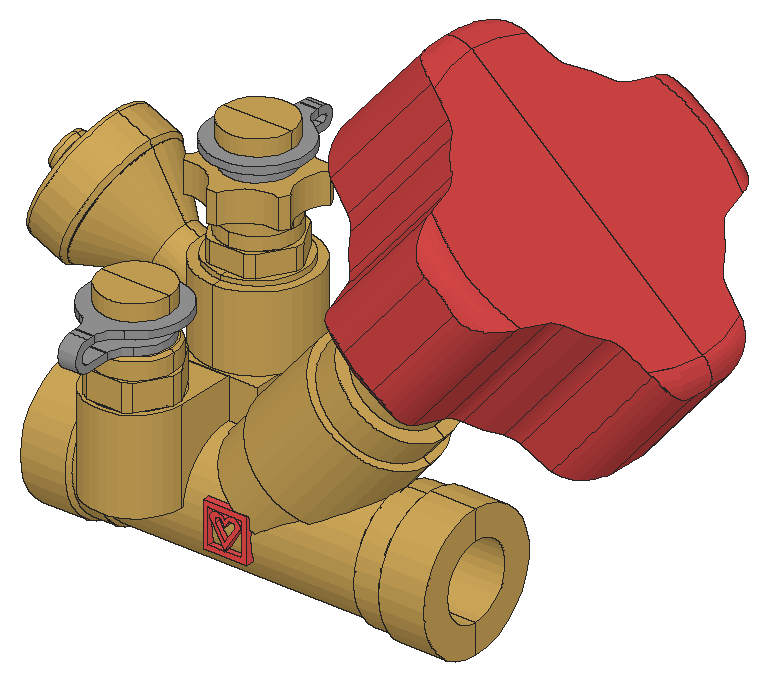
Revit family "Strangregulierventil mit Messblende 4017 ML", category Rohrzubehör, Revit 2021
Family settings
  Bemaßung runder Anschluss = Durchmesser verwenden
  Teiletyp = Unterbricht
  OmniClass-Nummer = 23.65.55.14
  OmniClass-Titel = Valves for Liquid Services
  Arbeitsebenenbasiert = Nein
  Immer vertikal = Ja
  Beim Laden mit Abzugskörper schneiden = Nein
  Gemeinsam genutzt = Nein
Parameters
  kvs-Wert [instance] = if(Nennweite = 15.000 mm, 2, if(Nennweite = 20.000 mm, 3.6, if(Nennweite = 25.000 mm, 6.5, if(Nennweite = 32.000 mm, 13.3, if(Nennweite = 40.000 mm, 18.5, if(Nennweite = 50.000 mm, 33, 0))))))  # 2
  kv-Wert der Blende [instance] = if(Nennweite = 15.000 mm, 1.95, if(Nennweite = 20.000 mm, 3.95, if(Nennweite = 25.000 mm, 7.9, if(Nennweite = 32.000 mm, 15.75, if(Nennweite = 40.000 mm, 21.5, if(Nennweite = 50.000 mm, 46.7, 0))))))  # 1.95
  W01 = 50.00°  # constant formula
  Vorgabe-Ansicht = 0.000 mm
  URL = "www.herz-armaturen.at"
  SW01 = 60.00°  # constant formula
  SCRNSEQ = "ARM;ARM_TYP=\"STRV\";2"
  SCRNCODE = "05;07;02"  # constant formula
  S03 = 60.000 mm  # constant formula
  S02 [instance] = L04 + L06 + L07  # 76.800 mm
  S01 [instance] = D01 * 2  # 27.000 mm
  R03 = 21.500 mm  # constant formula
  R02 = 9.500 mm  # constant formula
  R01 = 12.000 mm  # constant formula
  Medium = "Heizwasserqualität entsprechend ÖNORM H 5195 bzw. VDI-Richtlinie 2035"
  L10 [instance] = size_lookup("4017_ML_", "L10", 1.000 mm, Nennweite)  # 28.500 mm
  L09 [instance] = size_lookup("4017_ML_", "L9", 1.000 mm, Nennweite)  # 22.500 mm
  L08 [instance] = size_lookup("4017_ML_", "L8", 1.000 mm, Nennweite)  # 12.700 mm
  L07 [instance] = size_lookup("4017_ML_", "L7", 1.000 mm, Nennweite)  # 35.100 mm
  L06 [instance] = size_lookup("4017_ML_", "L6", 1.000 mm, Nennweite)  # 6.500 mm
  L05 [instance] = size_lookup("4017_ML_", "L5", 1.000 mm, Nennweite)  # 20.200 mm
  L04 [instance] = size_lookup("4017_ML_", "L4", 1.000 mm, Nennweite)  # 35.200 mm
  L03 [instance] = size_lookup("4017_ML_", "L3", 1.000 mm, Nennweite)  # 1.000 mm
  H03 [instance] = H01 - 19.000 mm  # 1.000 mm
  H02 = 13.000 mm  # constant formula
  Gehäuse = "entzinkungsbeständigem Messing"  # constant formula
  E01 [instance] = L00 / -2  # -41.500 mm
  E00 = 0.000 mm  # constant formula
  D09 [instance] = size_lookup("4017_ML_", "D9", 1.000 mm, Nennweite)  # 11.750 mm
  D08 [instance] = size_lookup("4017_ML_", "D8", 1.000 mm, Nennweite)  # 9.500 mm
  D07 [instance] = size_lookup("4017_ML_", "D7", 1.000 mm, Nennweite)  # 12.000 mm
  D06 [instance] = size_lookup("4017_ML_", "D6", 1.000 mm, Nennweite)  # 13.500 mm
  D05 [instance] = size_lookup("4017_ML_", "D5", 1.000 mm, Nennweite)  # 12.500 mm
  D04 [instance] = Nennweite / 2  # 7.500 mm
  IG [instance] = Nennweite / 2  # 7.500 mm
  D03 [instance] = size_lookup("4017_ML_", "D3", 1.000 mm, Nennweite)  # 11.900 mm
  D02 [instance] = size_lookup("4017_ML_", "D2", 1.000 mm, Nennweite)  # 12.700 mm
  D01 [instance] = size_lookup("4017_ML_", "D1", 1.000 mm, Nennweite)  # 13.500 mm
  Nennweite [instance] = 15.000 mm
  Max. Differenzdruck bei geschlossenen Sitz = 1000000.0 Pa  # constant formula
  Max. Betriebstemperatur = 130 °C  # constant formula
  Max. Betriebsdruck = 2000000.0 Pa  # constant formula
  L02 [instance] = size_lookup("4017_ML_", "L2", 1.000 mm, Nennweite)  # 5.000 mm
  L01 [instance] = size_lookup("4017_ML_", "L1", 1.000 mm, Nennweite)  # 9.250 mm
  L00 [instance] = size_lookup("4017_ML_", "L", 1.000 mm, Nennweite)  # 83.000 mm
  Hersteller = "HERZ Armaturen Ges.m.b.H."  # constant formula
  H01 [instance] = size_lookup("4017_ML_", "H1", 1.000 mm, Nennweite)  # 20.000 mm
  GT [instance] = size_lookup("4017_ML_", "GT", 1.000 mm, Nennweite)  # 13.200 mm
  DN50 [instance] = Nennweite = 50.000 mm  # no
  DN40 [instance] = Nennweite = 40.000 mm  # no
  DN32 [instance] = Nennweite = 32.000 mm  # no
  DN25 [instance] = Nennweite = 25.000 mm  # no
  DN20 [instance] = Nennweite = 20.000 mm  # no
  DN15 [instance] = Nennweite = 15.000 mm  # yes
  Bestellnummer [instance] = size_lookup("4017_ML_", "Artnr", 0, Nennweite)  # 1401731
  Ausführung = "STRÖMAX 4017 ML, Strangregulierventil mit Messblende und Impulsleitungsanschluss für Differenzdruckmessung in Schrägsitzform, mit Messventilen\r\nGelbe Ausführung aus entzinkungsbeständigen Messing, Muffe x Muffe, Spindelabdichtung mit Dreifach-O-Ring, Voreinstellung durch Hubbegrenzung, digitale Anzeige der Voreinstellstufe im Handradfenster."
  Anwendungsgebiet = "Zum hydraulischen Abgleich in Heiz- oder Kühlanlagen, Einregulieren von Verteilleitungen, Strängen, Wärmetauschern,\r\nHeiz- und Kühlregistern."
Reference planes
  plane 1 "Mitte (Vorne/hinten)": y = 0
  plane 2: z = 0
  plane 3 "Mitte (Links/rechts)": x = 0
Forms (mm)
  Revolve 1, solid, material "Messing, weicher Gelbton, geschweißt", detail levels fine
    sketch origin (470, 0, 0) x (1, 0, 0) y (0, 0, 1)
      loop
        line (-511.5, 7.5) -> (-498.3, 7.5) -> (-498.3, 0) -> (-441.7, 0) -> (-441.7, 7.5) -> (-428.5, 7.5) -> (-428.5, 13.5) -> (-437.75, 13.5) -> (-438.421, 12.7) -> (-443.421, 12.7) -> (-444.093, 11.9) -> (-495.907, 11.9) -> (-496.579, 12.7) -> (-501.579, 12.7) -> (-502.25, 13.5) -> (-511.5, 13.5) -> (-511.5, 7.5)
      axis (-511.5, 0) -> (-428.5, 0)
    angle from 0 to 360
  Revolve 2, solid, material "Messing, weicher Gelbton, geschweißt", detail levels fine
    sketch origin (0.32, 0, -0.105) x (1, 0, 0) y (0, 0, 1)
      loop
        line (-1.32, 0.105) -> (48.046, 58.937) -> (39.045, 66.49) -> (30.882, 56.761) -> (32.605, 55.315) -> (18.207, 38.155) -> (16.292, 39.762) -> (12.114, 34.783) -> (10.964, 35.747) -> (-2.02, 20.273) -> (-1.254, 19.63) -> (-7.652, 12.005) -> (-7.065, 4.926) -> (-1.32, 0.105)
      axis (-1.32, 0.105) -> (48.046, 58.937)
    angle from 0 to 360
  Extrusion 3, solid, material "Messing, weicher Gelbton, geschweißt", detail levels fine
    sketch origin (0, 0, 0) x (1, 0, 0) y (0, 1, 0)
      loop
        arc (-28.5, -12) -> (-19, -21.5) -> (-9.5, -12) r 9.5
        line (-9.5, -12) -> (-9.5, 0) -> (-28.5, 0) -> (-28.5, -12)
    from 1 <- "H03" to 20 <- "H01"
  Extrusion 4, solid, material "Messing, weicher Gelbton, geschweißt", detail levels fine
    sketch origin (0, 0, 0) x (1, 0, 0) y (0, 1, 0)
      loop
        line (-22.5, 12) -> (-22.5, 0) -> (-3.5, 0) -> (-3.5, 12)
        arc (-3.5, 12) -> (-13, 21.5) -> (-22.5, 12) r 9.5
    from 0 to 20 <- "H01"
  Extrusion 5, void
    sketch origin (0, 0, 0) x (1, 0, 0) y (0, 0, 1)
      loop
        line (55, 0) -> (80, 0) -> (80, 73) -> (55, 73) -> (55, 0)
    from 55 to -55
Cuts and joins
  Extrusion 5 cuts Revolve 2
Lines and regions (mm)
  model lines, detail levels coarse+medium
    curve 1: line (-41.5, 0, 13.5) -> (-41.5, 0, -13.5)
    curve 2: line (-41.5, 0, -13.5) -> (41.5, 0, 13.5)
    curve 3: line (41.5, 0, 13.5) -> (41.5, 0, -13.5)
    curve 4: line (41.5, 0, -13.5) -> (-41.5, 0, 13.5)
    curve 5: line (0, 0, 0) -> (38.4, 0, 66.511)
    curve 6: line (12.419, 0, 81.511) -> (64.381, 0, 51.511)
    curve 7: line (-41.5, -13.5, 0) -> (-41.5, 13.5, 0)
    curve 8: line (-41.5, 13.5, 0) -> (41.5, -13.5, 0)
    curve 9: line (41.5, -13.5, 0) -> (41.5, 13.5, 0)
    curve 10: line (41.5, 13.5, 0) -> (-41.5, -13.5, 0)
    curve 11: line (0, 0, 0) -> (38.4, 66.511, 0)
    curve 12: line (12.419, 81.511, 0) -> (64.381, 51.511, 0)
Dimensions and locks
  "L00": Revolve 1 sketch curve to Revolve 1 sketch curve
  equal spacing: Revolve 1 sketch curve, plane 3 "Mitte (Links/rechts)", Revolve 1 sketch curve
  "D01": Revolve 1 sketch curve to Revolve 1 sketch curve  (x2)
  "GT": Revolve 1 sketch curve to Revolve 1 sketch curve  (x2)
  "D06": Revolve 2 sketch curve to Revolve 2 sketch curve
  "D07": Revolve 2 sketch curve to Revolve 2 sketch curve
  "D08": Revolve 2 sketch curve to Revolve 2 sketch curve
  "D09": Revolve 2 sketch curve to Revolve 2 sketch curve
  equal spacing: curve 1, plane 3 "Mitte (Links/rechts)", curve 3
  "L00": curve 1 to curve 3
  equal spacing: curve 4, plane 2, curve 2
  "S01": curve 4 to curve 1
  "S01": curve 3 to curve 4
  equal spacing: curve 3, plane 2, curve 4
  "S02": curve 5 to curve 5
  equal spacing: curve 6, curve 5, curve 6
  "S03": curve 6 to curve 6
  equal spacing: curve 7, plane 3 "Mitte (Links/rechts)", curve 9
  "L00": curve 7 to curve 9
  equal spacing: curve 10, plane 1 "Mitte (Vorne/hinten)", curve 8
  "S01": curve 8 to curve 10
  equal spacing: curve 9, plane 1 "Mitte (Vorne/hinten)", curve 10
  "S01": curve 10 to curve 9
  "S02": curve 11 to curve 11
  equal spacing: curve 12, curve 11, curve 12
  "S03": curve 12 to curve 12
  "L01": Revolve 1 sketch curve to Revolve 1 sketch curve  (x2)
  "D02": Revolve 1 sketch curve to plane 2  (x2)
  "D03": Revolve 1 sketch curve to plane 2
  "IG": Revolve 1 sketch curve to plane 2  (x2)
  "L02": Revolve 1 sketch curve to Revolve 1 sketch curve  (x2)
  "L04": Revolve 2 sketch curve to Revolve 2 sketch curve
  "L05": Revolve 2 sketch curve to Revolve 2 sketch curve
  "D03": Revolve 2 sketch curve to plane 2
  "L06": Revolve 2 sketch curve to Revolve 2 sketch curve
  "L08": Revolve 2 sketch curve to Revolve 2 sketch curve
  "L07": Revolve 2 sketch curve to Revolve 2 sketch curve
  "D04": Revolve 2 sketch curve to Revolve 2 sketch curve
  "D05": Revolve 2 sketch curve to Revolve 2 sketch curve
  "L03": plane 3 "Mitte (Links/rechts)" to Revolve 2 sketch curve  (x2)
  "D03": nested 1 to plane 1 "Mitte (Vorne/hinten)"
  "L09": Revolve 1 to Extrusion 3 sketch curve
  "R01": Extrusion 3 sketch curve to plane 1 "Mitte (Vorne/hinten)"
  "R01": plane 1 "Mitte (Vorne/hinten)" to Extrusion 4 sketch curve
  "L10": Revolve 1 to Extrusion 4 sketch curve
  "H01": nested 2 to plane 2
  "R01": nested 2 to plane 1 "Mitte (Vorne/hinten)"
  "L09": Revolve 1 to nested 2
  Extrusion 5 sketch curve to plane 3 "Mitte (Links/rechts)" = 55.000 mm
  Extrusion 5 sketch curve to Extrusion 5 sketch curve = 25.000 mm
  Extrusion 5 sketch curve to plane 2 = 73.000 mm
  "L10": Revolve 1 to nested 9
  "R01": plane 1 "Mitte (Vorne/hinten)" to nested 9
  "H01": nested 9 to plane 2
  "R02": radius of Extrusion 3 sketch curve
  "R02": radius of Extrusion 4 sketch curve
  "W01": angle level to Revolve 2 sketch curve
  "SW01": angle plane 2 to curve 5
  "SW01": angle plane 1 "Mitte (Vorne/hinten)" to curve 11
  "W01": angle Revolve 1 sketch curve to Revolve 1 sketch curve  (x4)
  "W01": angle plane 2 to Revolve 2 sketch curve
  aligned and locked: level to plane 2
Automatic sketch dimensions
  Extrusion 5 sketch curve to level = 0.000 mm
  curve 5 to level = 0.000 mm
  plane 1 "Mitte (Vorne/hinten)" to curve 11 = 0.000 mm
  Revolve 1 sketch curve to level = 0.000 mm  (x2)
  Revolve 1 sketch curve to Revolve 1 sketch curve = 791.990 mm
  Revolve 1 sketch curve to Revolve 1 sketch curve = 2278.983 mm
  Revolve 2 sketch curve to level = 0.000 mm  (x2)
  plane 1 "Mitte (Vorne/hinten)" to Extrusion 3 sketch curve = 0.000 mm
  plane 1 "Mitte (Vorne/hinten)" to Extrusion 4 sketch curve = 0.000 mm
Nested families
  nested 1: "Herz-Logo-vorne" at (0, -11.9, 0) x (0, 1, 0) z (0, 0, 1), type "Herz-Logo-vorne", detail levels fine
  nested 2: "Messstutzen_Band_Eintritt_senkrecht_(oben)" at (-19, -12, 2.5) x (-1, 0, 0) z (0, 0, 1), type "Messstutzen_Band_Eintritt_senkrecht_(oben)", detail levels fine
    with Schutzkappe yes, Nennweite 0.000 mm, Gewicht 0.00 kg, Bestellnummer 0
  nested 3: "Strangregulierventil-Handrad (Rot) DN15-DN32" at (48.366, 0, 58.832), visible <- "DN15", type "Strangregulierventil-Handrad (Rot) DN15-DN32"
    with Nennweite 0.000 mm, Gewicht 0.00 kg, Bestellnummer 0
  nested 4: "Strangregulierventil-Handrad (Rot) DN15-DN32" at (50.13, 0, 62.126), visible <- "DN20", type "Strangregulierventil-Handrad (Rot) DN15-DN32"
    with Nennweite 0.000 mm, Gewicht 0.00 kg, Bestellnummer 0
  nested 5: "Strangregulierventil-Handrad (Rot) DN15-DN32" at (55.886, 0, 73.157), visible <- "DN25", type "Strangregulierventil-Handrad (Rot) DN15-DN32"
    with Nennweite 0.000 mm, Gewicht 0.00 kg, Bestellnummer 0
  nested 6: "Strangregulierventil-Handrad (Rot) DN15-DN32" at (60.493, 0, 82.58), visible <- "DN32", type "Strangregulierventil-Handrad (Rot) DN15-DN32"
    with Nennweite 0.000 mm, Gewicht 0.00 kg, Bestellnummer 0
  nested 7: "Strangregulierventil-Handrad (Rot) DN40-DN50" at (68.72, 0, 95.602), visible <- "DN40", type "Strangregulierventil-Handrad (Rot) DN40-DN50"
    with Nennweite 0.000 mm, Gewicht 0.00 kg, Bestellnummer 0
  nested 8: "Strangregulierventil-Handrad (Rot) DN40-DN50" at (66.762, 0, 99.586), visible <- "DN50", type "Strangregulierventil-Handrad (Rot) DN40-DN50"
    with Nennweite 0.000 mm, Gewicht 0.00 kg, Bestellnummer 0
  nested 9: "Messstutzen_Band-KFE_Austritt_senkrecht_(oben)" at (-13, 12, 24.41), type "Messstutzen_Band-KFE_Austritt_senkrecht_(oben)", detail levels fine
    with Schutzkappe yes, Nennweite 0.000 mm, Gewicht 0.00 kg, Bestellnummer 0
Connectors
  piping at (-28.3, 0, 0), diameter 15, driven by "Nennweite"
    settings: on Revolve 1, index 1, connector inside diameter 609.6 mm, connector length 0.000 mm, flow factor 0, pipe flow 0.0 L/s, pressure drop 0.0 Pa, fitting loss kfactor 0, connector angle 0.00°, fixture units 0, engagement length 0.000 mm, angle of deflection 0.00°, flow configuration 0, flow direction 1, fitting loss method 0, system type 29, joint type 0, gender type 0, connector reference index -1, connector utility 0, adjustable connector no, is connector primary yes, connector description ""
  piping at (28.3, 0, 0), diameter 15, driven by "Nennweite"
    settings: on Revolve 1, index 2, connector inside diameter 609.6 mm, connector length 0.000 mm, flow factor 0, pipe flow 0.0 L/s, pressure drop 0.0 Pa, fitting loss kfactor 0, connector angle 0.00°, fixture units 0, engagement length 0.000 mm, angle of deflection 0.00°, flow configuration 0, flow direction 2, fitting loss method 0, system type 29, joint type 0, gender type 0, connector reference index -1, connector utility 0, adjustable connector no, is connector primary no, connector description ""
Definition of nested family "Herz-Logo-vorne"
  Parameters (values of type "Herz-Logo-vorne")
    Default Elevation = 0.000 mm
  Reference planes
    plane 1 "Mitte (Vorne/hinten)": y = 0
    plane 2: z = 0
    plane 3 "Mitte (Links/rechts)": x = 0
  Forms (mm)
    Extrusion 1, solid
      sketch origin (0.732, -0.018, 0.017) x (0, -1, 0) y (0, 0, 1)
        loop
          line (-0.018, -4.517) -> (4.482, -4.517) -> (4.482, 4.483) -> (-4.518, 4.483) -> (-4.518, -4.517) -> (-0.018, -4.517)
        loop
          line (-0.05, -3.48) -> (3.482, -3.48) -> (3.482, 3.483) -> (-3.518, 3.483) -> (-3.518, -3.48) -> (-0.05, -3.48)
        loop
          arc (-0.018, 2.383) -> (-1.543, 3.287) -> (-3.067, 2.383) r 1.738
          arc (-3.067, 2.383) -> (-3.191, 1.899) -> (-3.067, 1.415) r 1.009
          line (-3.067, 1.415) -> (-0.018, -3.281) -> (3.032, 1.415)
          arc (3.032, 1.415) -> (3.156, 1.899) -> (3.032, 2.383) r 1.009
          arc (3.032, 2.383) -> (1.507, 3.287) -> (-0.018, 2.383) r 1.738
        loop
          arc (1.885, 1.272) -> (2.005, 1.675) -> (1.885, 2.079) r 0.74
          arc (1.885, 2.079) -> (1.265, 2.416) -> (0.644, 2.079) r 0.74
          line (0.644, 2.079) -> (-0.018, 0.97) -> (-0.679, 2.079)
          arc (-0.679, 2.079) -> (-1.3, 2.416) -> (-1.921, 2.079) r 0.74
          arc (-1.921, 2.079) -> (-2.04, 1.675) -> (-1.921, 1.272) r 0.74
          line (-1.921, 1.272) -> (-0.018, -1.658) -> (1.885, 1.272)
      from 0 to 1.5
  Dimensions and locks
    aligned and locked: level to plane 2
Definition of nested family "Messstutzen_Band_Eintritt_senkrecht_(oben)"
  Parameters (values of type "Messstutzen_Band_Eintritt_senkrecht_(oben)")
    Default Elevation = 0.000 mm
    URL = "www.herz-armaturen.at"
    Schutzkappe [instance] = yes
    Nennweite [instance] = 0.000 mm
    Manufacturer = "Herz Armaturen GmbH"  # constant formula
    Gewicht [instance] = 0.00 kg
    Bestellnummer [instance] = 0
  Reference planes
    plane 1 "Mitte (Vorne/hinten)": y = 0
    plane 2: z = 0
    plane 3 "Mitte (Links/rechts)": x = 0
    plane 4 "Schlaufe 1": z = -27
    plane 5 "Schlaufe 2": z = -31.678
  Forms (mm)
    Revolve 1, solid, detail levels fine
      sketch origin (0, 0, 0) x (1, 0, 0) y (0, 0, 1)
        loop
          line (-7.4, 9) -> (-5.55, 9) -> (-5.55, 6)
          arc (-5.55, 6) -> (-5.626, 5.617) -> (-5.843, 5.293) r 1
          line (-5.843, 5.293) -> (-6.455, 4.681) -> (-6.455, 0.9) -> (-5.555, 0) -> (-2, 0) -> (-2, 17.5) -> (-8.4, 17.5)
          arc (-8.4, 17.5) -> (-7.693, 17.207) -> (-7.4, 16.5) r 1
          line (-7.4, 16.5) -> (-7.4, 9)
        loop
          line (-3.7, 27) -> (-7.3, 27) -> (-7.9, 26.4) -> (-7.9, 23) -> (-2, 23) -> (-2, 35.8) -> (-3.805, 35.8) -> (-4.415, 35.19) -> (-4.415, 30.863) -> (-3.7, 30.45) -> (-3.7, 27)
        axis (0, 0) -> (0, 35.8)
      angle from 0 to 360
    Extrusion 2, solid, detail levels fine
      sketch origin (0, 0, 17.5) x (0, 1, 0) y (-1, 0, 0)
        loop
          arc (-7.07, 5.156) -> (-7.578, 4.375) -> (-8, 3.544) r 8.75
          line (-8, 3.544) -> (-8, -3.544)
          arc (-8, -3.544) -> (-7.578, -4.375) -> (-7.07, -5.156) r 8.75
          line (-7.07, -5.156) -> (-0.93, -8.7)
          arc (-0.93, -8.7) -> (0, -8.75) -> (0.93, -8.7) r 8.75
          line (0.93, -8.7) -> (7.07, -5.156)
          arc (7.07, -5.156) -> (7.578, -4.375) -> (8, -3.544) r 8.75
          line (8, -3.544) -> (8, 3.544)
          arc (8, 3.544) -> (7.578, 4.375) -> (7.07, 5.156) r 8.75
          line (7.07, 5.156) -> (0.93, 8.7)
          arc (0.93, 8.7) -> (0, 8.75) -> (-0.93, 8.7) r 8.75
          line (-0.93, 8.7) -> (-7.07, 5.156)
      from 0 to 5.5
    Revolve 3, solid, visible <- "Schutzkappe", detail levels fine
      sketch origin (0, 0, 0) x (1, 0, 0) y (0, 0, 1)
        loop
          line (0, 35.878) -> (0, 36.678) -> (-7, 36.678) -> (-7, 33.378) -> (-6.1, 33.378) -> (-6.1, 31.678) -> (-6.9, 31.678) -> (-6.9, 30.178) -> (-4.415, 30.178) -> (-4.415, 35.268) -> (-3.805, 35.878) -> (0, 35.878)
        axis (0, 30.178) -> (0, 36.678)
      angle from 0 to 360
    Extrusion 4, solid, detail levels fine
      sketch origin (0, 0, 28.5) x (1, 0, 0) y (0, 1, 0)
        loop
          circle (0, 0) r 3.7
        loop
          arc (-3.906, 5.505) -> (0, -6.75) -> (3.906, 5.505) r 6.75
          arc (3.906, 5.505) -> (2.358, 7.288) -> (1.8, 9.582) r 5
          line (1.8, 9.582) -> (-1.8, 9.582)
          arc (-1.8, 9.582) -> (-2.358, 7.288) -> (-3.906, 5.505) r 5
      from 0 to -1.5
    Extrusion 5, solid, detail levels fine
      sketch origin (0, 0, 33.178) x (1, 0, 0) y (0, 1, 0)
        loop
          circle (0, 0) r 6.1
        loop
          arc (-4.495, 8.652) -> (0, -9.75) -> (4.495, 8.652) r 9.75
          arc (4.495, 8.652) -> (2.527, 10.493) -> (1.8, 13.089) r 5
          line (1.8, 13.089) -> (-1.8, 13.089)
          arc (-1.8, 13.089) -> (-2.527, 10.493) -> (-4.495, 8.652) r 5
      from 0 to -1.5
    Sweep 6, solid, detail levels fine
      path origin (0, 0, 0) x (0, 0, -1) y (0, -1, 0)
        loop
          line (-27.75, -9.582) -> (-27.75, -14.522)
          arc (-27.75, -14.522) -> (-30.089, -16.862) -> (-32.428, -14.522) r 2.339
          line (-32.428, -14.522) -> (-32.428, -13.089)
      profile origin (0, 12.052, 27.75) x (0, 0, 1) y (1, 0, 0)
        loop
          line (-0.75, -1.8) -> (0.75, -1.8) -> (0.75, 1.8) -> (-0.75, 1.8) -> (-0.75, -1.8)
  Dimensions and locks
    aligned and locked: level to plane 2
Definition of nested family "Strangregulierventil-Handrad (Rot) DN15-DN32"
  Parameters (values of type "Strangregulierventil-Handrad (Rot) DN15-DN32")
    Default Elevation = 0.000 mm
    URL = "www.herz-armaturen.at"
    Nennweite [instance] = 0.000 mm
    Manufacturer = "Herz Armaturen GmbH"  # constant formula
    Gewicht [instance] = 0.00 kg
    Bestellnummer [instance] = 0
  Reference planes
    plane 1 "Mitte (Vorne/hinten)": y = 0
    plane 2: z = 0
    plane 3 "Mitte (Links/rechts)": x = 0
  Forms (mm)
    Revolve 1, solid, detail levels fine
      sketch origin (0, 0, 0) x (0.766044, 0, -0.642788) y (0.642788, 0, 0.766044)
        loop
          line (0, 0) -> (0, 24.95) -> (-30.992, 24.95)
          arc (-30.992, 24.95) -> (-34.37, 23.636) -> (-35.973, 20.386) r 5
          line (-35.973, 20.386) -> (-37, 8.65) -> (-35.986, -2.936)
          arc (-35.986, -2.936) -> (-34.383, -6.186) -> (-31.005, -7.5) r 5
          line (-31.005, -7.5) -> (-15, -7.5) -> (-15, 0) -> (0, 0)
        axis (0, 24.95) -> (0, -7.5)
      angle from 0 to 360
    Extrusion 2, void
      sketch origin (13.049, 0, 15.551) x (0.766044, 0, -0.642788) y (0, 1, 0)
        loop
          line (3.861, 35.5) -> (-3.861, 35.5)
          arc (-3.861, 35.5) -> (-8.731, 33.847) -> (-11.589, 29.571) r 8
          line (-11.589, 29.571) -> (-13.284, 23.245)
          arc (-13.284, 23.245) -> (-13.982, 21.722) -> (-15.144, 20.516) r 5
          arc (-15.144, 20.516) -> (-18.031, 18.031) -> (-20.516, 15.144) r 25.5
          arc (-20.516, 15.144) -> (-21.722, 13.982) -> (-23.245, 13.284) r 5
          line (-23.245, 13.284) -> (-29.571, 11.589)
          arc (-29.571, 11.589) -> (-33.847, 8.731) -> (-35.5, 3.861) r 8
          line (-35.5, 3.861) -> (-35.5, -3.861)
          arc (-35.5, -3.861) -> (-33.847, -8.731) -> (-29.571, -11.589) r 8
          line (-29.571, -11.589) -> (-23.245, -13.284)
          arc (-23.245, -13.284) -> (-21.722, -13.982) -> (-20.516, -15.144) r 5
          arc (-20.516, -15.144) -> (-18.031, -18.031) -> (-15.144, -20.516) r 25.5
          arc (-15.144, -20.516) -> (-13.982, -21.722) -> (-13.284, -23.245) r 5
          line (-13.284, -23.245) -> (-11.589, -29.571)
          arc (-11.589, -29.571) -> (-8.731, -33.847) -> (-3.861, -35.5) r 8
          line (-3.861, -35.5) -> (3.861, -35.5)
          arc (3.861, -35.5) -> (8.731, -33.847) -> (11.589, -29.571) r 8
          line (11.589, -29.571) -> (13.284, -23.245)
          arc (13.284, -23.245) -> (13.982, -21.722) -> (15.144, -20.516) r 5
          arc (15.144, -20.516) -> (18.031, -18.031) -> (20.516, -15.144) r 25.5
          arc (20.516, -15.144) -> (21.722, -13.982) -> (23.245, -13.284) r 5
          line (23.245, -13.284) -> (29.571, -11.589)
          arc (29.571, -11.589) -> (33.847, -8.731) -> (35.5, -3.861) r 8
          line (35.5, -3.861) -> (35.5, 3.861)
          arc (35.5, 3.861) -> (33.847, 8.731) -> (29.571, 11.589) r 8
          line (29.571, 11.589) -> (23.245, 13.284)
          arc (23.245, 13.284) -> (21.722, 13.982) -> (20.516, 15.144) r 5
          arc (20.516, 15.144) -> (18.031, 18.031) -> (15.144, 20.516) r 25.5
          arc (15.144, 20.516) -> (13.982, 21.722) -> (13.284, 23.245) r 5
          line (13.284, 23.245) -> (11.589, 29.571)
          arc (11.589, 29.571) -> (8.731, 33.847) -> (3.861, 35.5) r 8
        loop
          circle (0, 0) r 38
      from -31.266 to 7.923
  Cuts and joins
    Extrusion 2 cuts Revolve 1
  Dimensions and locks
    Revolve 1 sketch curve to Revolve 1 sketch curve = 15.000 mm
    Revolve 1 sketch curve to Revolve 1 sketch curve = 16.150 mm
    Revolve 1 sketch curve to Revolve 1 sketch curve = 16.300 mm
    angle Revolve 1 sketch curve to Revolve 1 sketch curve = 95.00°
    aligned and locked: level to plane 2
Definition of nested family "Strangregulierventil-Handrad (Rot) DN40-DN50"
  Parameters (values of type "Strangregulierventil-Handrad (Rot) DN40-DN50")
    Default Elevation = 0.000 mm
    URL = "www.herz-armaturen.at"
    Nennweite [instance] = 0.000 mm
    Manufacturer = "Herz Armaturen GmbH"  # constant formula
    Gewicht [instance] = 0.00 kg
    Bestellnummer [instance] = 0
  Reference planes
    plane 1 "Mitte (Vorne/hinten)": y = 0
    plane 2: z = 0
    plane 3 "Mitte (Links/rechts)": x = 0
  Forms (mm)
    Revolve 1, solid, detail levels fine
      sketch origin (0, 0, 0) x (0.766044, 0, -0.642788) y (0.642788, 0, 0.766044)
        loop
          line (0, 0) -> (0, 24.95) -> (-50.992, 24.95)
          arc (-50.992, 24.95) -> (-54.37, 23.636) -> (-55.973, 20.386) r 5
          line (-55.973, 20.386) -> (-57, 8.65) -> (-55.986, -2.936)
          arc (-55.986, -2.936) -> (-54.383, -6.186) -> (-51.005, -7.5) r 5
          line (-51.005, -7.5) -> (-15, -7.5) -> (-15, 0) -> (0, 0)
        axis (0, 24.95) -> (0, -7.5)
      angle from 0 to 360
    Extrusion 2, void
      sketch origin (13.049, 0, 15.551) x (0.766044, 0, -0.642788) y (0, 1, 0)
        loop
          line (-55, 6.292) -> (-55, -6.292)
          arc (-55, -6.292) -> (-52.52, -13.597) -> (-46.106, -17.883) r 12
          line (-46.106, -17.883) -> (-35.399, -20.752)
          arc (-35.399, -20.752) -> (-33.541, -21.612) -> (-32.08, -23.047) r 6
          arc (-32.08, -23.047) -> (-27.931, -27.931) -> (-23.047, -32.08) r 39.5
          arc (-23.047, -32.08) -> (-21.612, -33.541) -> (-20.752, -35.399) r 6
          line (-20.752, -35.399) -> (-17.883, -46.106)
          arc (-17.883, -46.106) -> (-13.597, -52.52) -> (-6.292, -55) r 12
          line (-6.292, -55) -> (6.292, -55)
          arc (6.292, -55) -> (13.597, -52.52) -> (17.883, -46.106) r 12
          line (17.883, -46.106) -> (20.752, -35.399)
          arc (20.752, -35.399) -> (21.612, -33.541) -> (23.047, -32.08) r 6
          arc (23.047, -32.08) -> (27.931, -27.931) -> (32.08, -23.047) r 39.5
          arc (32.08, -23.047) -> (33.541, -21.612) -> (35.399, -20.752) r 6
          line (35.399, -20.752) -> (46.106, -17.883)
          arc (46.106, -17.883) -> (52.52, -13.597) -> (55, -6.292) r 12
          line (55, -6.292) -> (55, 6.292)
          arc (55, 6.292) -> (52.52, 13.597) -> (46.106, 17.883) r 12
          line (46.106, 17.883) -> (35.399, 20.752)
          arc (35.399, 20.752) -> (33.541, 21.612) -> (32.08, 23.047) r 6
          arc (32.08, 23.047) -> (27.931, 27.931) -> (23.047, 32.08) r 39.5
          arc (23.047, 32.08) -> (21.612, 33.541) -> (20.752, 35.399) r 6
          line (20.752, 35.399) -> (17.883, 46.106)
          arc (17.883, 46.106) -> (13.597, 52.52) -> (6.292, 55) r 12
          line (6.292, 55) -> (-6.292, 55)
          arc (-6.292, 55) -> (-13.597, 52.52) -> (-17.883, 46.106) r 12
          line (-17.883, 46.106) -> (-20.752, 35.399)
          arc (-20.752, 35.399) -> (-21.612, 33.541) -> (-23.047, 32.08) r 6
          arc (-23.047, 32.08) -> (-27.931, 27.931) -> (-32.08, 23.047) r 39.5
          arc (-32.08, 23.047) -> (-33.541, 21.612) -> (-35.399, 20.752) r 6
          line (-35.399, 20.752) -> (-46.106, 17.883)
          arc (-46.106, 17.883) -> (-52.52, 13.597) -> (-55, 6.292) r 12
        loop
          circle (0, 0) r 60
      from -31.161 to 7.489
  Cuts and joins
    Extrusion 2 cuts Revolve 1
  Dimensions and locks
    Revolve 1 sketch curve to Revolve 1 sketch curve = 15.000 mm
    Revolve 1 sketch curve to Revolve 1 sketch curve = 16.150 mm
    Revolve 1 sketch curve to Revolve 1 sketch curve = 16.300 mm
    Revolve 1 sketch curve to Revolve 1 sketch curve = 57.000 mm
    angle Revolve 1 sketch curve to Revolve 1 sketch curve = 95.00°
    aligned and locked: level to plane 2
Definition of nested family "Messstutzen_Band-KFE_Austritt_senkrecht_(oben)"
  Parameters (values of type "Messstutzen_Band-KFE_Austritt_senkrecht_(oben)")
    Default Elevation = 0.000 mm
    URL = "www.herz-armaturen.at"
    Schutzkappe [instance] = yes
    Nennweite [instance] = 0.000 mm
    Manufacturer = "Herz Armaturen GmbH"  # constant formula
    Gewicht [instance] = 0.00 kg
    Bestellnummer [instance] = 0
  Reference planes
    plane 1 "Mitte (Vorne/hinten)": y = 0
    plane 2: z = 0
    plane 3 "Mitte (Links/rechts)": x = 0
  Forms (mm)
    Revolve 1, solid, detail levels fine
      sketch origin (0, 0, 0) x (1, 0, 0) y (0, 0, 1)
        loop
          line (-7.4, 9) -> (-5.55, 9) -> (-5.55, 6)
          arc (-5.55, 6) -> (-5.626, 5.617) -> (-5.843, 5.293) r 1
          line (-5.843, 5.293) -> (-6.455, 4.681) -> (-6.455, 0.9) -> (-5.555, 0) -> (-2, 0) -> (-2, 23) -> (-2, 35.8) -> (-3.805, 35.8) -> (-4.415, 35.19) -> (-4.415, 30.863) -> (-3.7, 30.45) -> (-3.7, 27) -> (-7.4, 27) -> (-7.4, 9)
        axis (0, 0) -> (0, 35.8)
      angle from 0 to 360
    Extrusion 2, solid, detail levels fine
      sketch origin (0, 0, 17.5) x (0, 1, 0) y (-1, 0, 0)
        loop
          arc (-7.07, 5.156) -> (-7.578, 4.375) -> (-8, 3.544) r 8.75
          line (-8, 3.544) -> (-8, -3.544)
          arc (-8, -3.544) -> (-7.578, -4.375) -> (-7.07, -5.156) r 8.75
          line (-7.07, -5.156) -> (-0.93, -8.7)
          arc (-0.93, -8.7) -> (0, -8.75) -> (0.93, -8.7) r 8.75
          line (0.93, -8.7) -> (7.07, -5.156)
          arc (7.07, -5.156) -> (7.578, -4.375) -> (8, -3.544) r 8.75
          line (8, -3.544) -> (8, 3.544)
          arc (8, 3.544) -> (7.578, 4.375) -> (7.07, 5.156) r 8.75
          line (7.07, 5.156) -> (0.93, 8.7)
          arc (0.93, 8.7) -> (0, 8.75) -> (-0.93, 8.7) r 8.75
          line (-0.93, 8.7) -> (-7.07, 5.156)
      from -5.51 to -1.21
    Revolve 3, solid, visible <- "Schutzkappe", detail levels fine
      sketch origin (0, 0, 0) x (1, 0, 0) y (0, 0, 1)
        loop
          line (0, 35.878) -> (0, 36.678) -> (-7, 36.678) -> (-7, 33.378) -> (-6.1, 33.378) -> (-6.1, 31.678) -> (-6.9, 31.678) -> (-6.9, 30.178) -> (-4.415, 30.178) -> (-4.415, 35.268) -> (-3.805, 35.878) -> (0, 35.878)
        axis (0, 30.178) -> (0, 36.678)
      angle from 0 to 360
    Extrusion 4, solid, detail levels fine
      sketch origin (0, 0, 30) x (1, 0, 0) y (0, 1, 0)
        loop
          circle (0, 0) r 3.7
        loop
          arc (-3.906, 5.505) -> (0, -6.75) -> (3.906, 5.505) r 6.75
          arc (3.906, 5.505) -> (2.358, 7.288) -> (1.8, 9.582) r 5
          line (1.8, 9.582) -> (-1.8, 9.582)
          arc (-1.8, 9.582) -> (-2.358, 7.288) -> (-3.906, 5.505) r 5
      from 0 to -1.5
    Extrusion 5, solid, detail levels fine
      sketch origin (0, 0, 33.178) x (1, 0, 0) y (0, 1, 0)
        loop
          circle (0, 0) r 6.1
        loop
          arc (-4.495, 8.652) -> (0, -9.75) -> (4.495, 8.652) r 9.75
          arc (4.495, 8.652) -> (2.527, 10.493) -> (1.8, 13.089) r 5
          line (1.8, 13.089) -> (-1.8, 13.089)
          arc (-1.8, 13.089) -> (-2.527, 10.493) -> (-4.495, 8.652) r 5
      from 0 to -1.5
    Sweep 6, solid, detail levels fine
      path origin (0, 0, 0) x (0, 0, -1) y (0, -1, 0)
        loop
          line (-29.25, -9.582) -> (-29.25, -14.522)
          arc (-29.25, -14.522) -> (-30.839, -16.112) -> (-32.428, -14.522) r 1.589
          line (-32.428, -14.522) -> (-32.428, -13.089)
      profile origin (0, 12.052, 29.25) x (0, 0, 1) y (1, 0, 0)
        loop
          line (-0.75, -1.8) -> (0.75, -1.8) -> (0.75, 1.8) -> (-0.75, 1.8) -> (-0.75, -1.8)
    Extrusion 7, solid, detail levels fine
      sketch origin (-101.196, 0, 0) x (1, 0, 0) y (0, 1, 0)
        loop
          arc (112.053, 5.113) -> (111.589, 6) -> (111.053, 6.845) r 12
          arc (111.053, 6.845) -> (105.696, 7.794) -> (102.196, 11.958) r 7.971
          arc (102.196, 11.958) -> (101.196, 12) -> (100.196, 11.958) r 12
          arc (100.196, 11.958) -> (96.696, 7.794) -> (91.34, 6.845) r 7.971
          arc (91.34, 6.845) -> (90.804, 6) -> (90.34, 5.113) r 12
          arc (90.34, 5.113) -> (92.196, 0) -> (90.34, -5.113) r 7.971
          arc (90.34, -5.113) -> (90.804, -6) -> (91.34, -6.845) r 12
          arc (91.34, -6.845) -> (96.696, -7.794) -> (100.196, -11.958) r 7.971
          arc (100.196, -11.958) -> (101.196, -12) -> (102.196, -11.958) r 12
          arc (102.196, -11.958) -> (105.696, -7.794) -> (111.053, -6.845) r 7.971
          arc (111.053, -6.845) -> (111.589, -6) -> (112.053, -5.113) r 12
          arc (112.053, -5.113) -> (110.196, 0) -> (112.053, 5.113) r 7.971
      from 22.3 to 28.5
    Revolve 8, solid, detail levels fine
      sketch origin (0, 43.374, -20) x (0, 1, 0) y (0, 0, 1)
        loop
          line (-43.374, 0) -> (-37.874, 0) -> (-36.774, 1.1) -> (-36.774, 4.9) -> (-37.874, 6) -> (-37.874, 8.4) -> (-36.424, 8.4) -> (-36.424, 9.2) -> (-34.424, 9.2) -> (-34.424, 15.59) -> (-31.874, 15.59) -> (-31.874, 30.99) -> (-33.874, 30.99) -> (-33.874, 31.99) -> (-43.374, 31.99) -> (-43.374, 0)
        loop
          line (-43.374, 39) -> (-43.374, 36.29) -> (-35.874, 36.29) -> (-35.874, 39) -> (-43.374, 39)
        axis (-43.374, 39) -> (-43.374, 0)
      angle from 0 to 360
    Revolve 9, solid, detail levels fine
      sketch origin (0, 0, 0) x (-1, 0, 0) y (0, 0, 1)
        loop
          line (0, -1.01) -> (32.627, 14.204) -> (27.556, 25.08) -> (25.934, 25.67) -> (21.602, 23.65) -> (14.873, 11.994) -> (-2.324, 3.975) -> (0, -1.01)
        axis (32.627, 14.204) -> (0, -1.01)
      angle from 0 to 360
    Revolve 10, solid, detail levels fine
      sketch origin (-51.188, 0, -39.797) x (-0.422618, 0, -0.906308) y (-0.906308, 0, 0.422618)
        loop
          line (-56.786, 8) -> (-45.747, 8) -> (-45.747, 0) -> (-43.834, 0) -> (-42.786, 1.048) -> (-42.786, 8.048)
          arc (-42.786, 8.048) -> (-43.065, 8.721) -> (-43.738, 9) r 0.952
          line (-43.738, 9) -> (-52.974, 9)
          arc (-52.974, 9) -> (-53.548, 9.238) -> (-53.786, 9.812) r 0.812
          line (-53.786, 9.812) -> (-53.786, 12) -> (-52.786, 12) -> (-52.786, 13.03)
          arc (-52.786, 13.03) -> (-53.07, 13.716) -> (-53.756, 14) r 0.97
          line (-53.756, 14) -> (-56.786, 14) -> (-56.786, 8)
        axis (-56.786, 14) -> (-56.786, 0)
      angle from 0 to 360
  Dimensions and locks
    aligned and locked: level to plane 2
